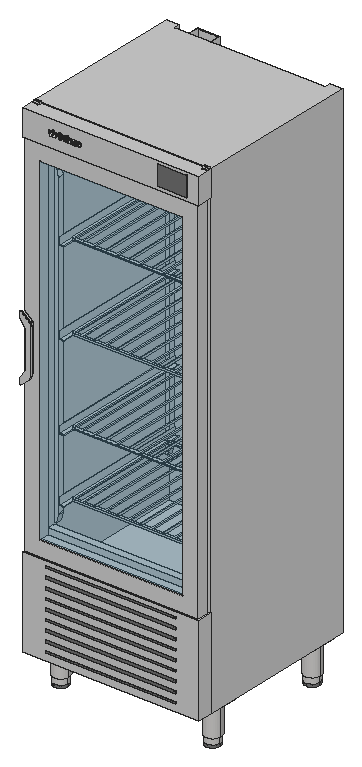
Revit family "QF_INFRICO_AEX500TF_250814100927", category Specialty Equipment, Revit 2021
Family settings
  Round Connector Dimension = Use Diameter
  Part Type = Normal
  OmniClass Number = 23.40.40.14
  OmniClass Title = Food Service Equipment
  Work Plane-Based = No
  Always vertical = Yes
  Cut with Voids When Loaded = No
  Shared = No
  Room Calculation Point = No
Parameters (values of type "AEX500TF")
  Weight [instance] = 0.00 kg
  Waste Water Discharge Temperature [instance] = 0 °C
  Waste Remarks [instance] = ""
  Warranty Start Date [instance] = ""
  Warranty Duration [instance] = ""
  Volts [instance] = 230 V
  Volt Free Conn [instance] = no
  URL Recommended Spares List [instance] = ""
  URL Manufacturer [instance] = ""
  URL Cutsheet [instance] = ""
  URL Critical Spares List [instance] = ""
  URL = "www.infrico.com"
  Technical Documentation [instance] = ""
  Tag Number [instance] = ""
  Status [instance] = ""
  Start Up Current [instance] = 0 A
  Specification by User [instance] = ""
  Specification by Manufacturer [instance] = ""
  Sound Level [instance] = ""
  Show Logo [instance] = yes
  Show Clearances [instance] = yes
  Service Life Duration [instance] = ""
  Serial Number [instance] = ""
  Seismic Rating [instance] = ""
  SMACNA No [instance] = ""
  Revision Code [instance] = ""
  Revision [instance] = ""
  Production Year [instance] = ""
  Potential Equalisation [instance] = no
  Point Load [instance] = 0
  Plumbing Connection Type [instance] = ""
  Phase [instance] = 1
  Other Equipment Approvals [instance] = ""
  Operational Current [instance] = 0 A
  Number of Poles [instance] = 2
  No Load Power Draw [instance] = no
  NAFEM Spec ID Number [instance] = ""
  Model Warning [instance] = ""
  Model = "AEX500TF"
  Min Ckt Ampacity [instance] = 0 A
  Max Overcurrent Protection [instance] = 0 A
  Masterspec [instance] = ""
  Manufacturer = "INFRICO"
  Main switch integrated [instance] = no
  Length Actual [instance] = 687 mm
  Item Number [instance] = ""
  Installed By [instance] = ""
  Installation Date [instance] = ""
  Indirect Waste Size [instance] = 19.05 mm
  Indirect Waste Remarks [instance] = ""
  Indirect Waste Flow [instance] = 0.0 L/s
  Indirect Waste Connection Type [instance] = ""
  Indirect Waste Connection Height [instance] = 0 mm
  Identify Quantity as Lot [instance] = no
  ID [instance] = ""
  Hygiene Approval [instance] = ""
  Height Actual [instance] = 2060 mm
  HP power [instance] = ""
  Furnished By [instance] = ""
  Foodservice Equipment Identifier [instance] = no
  FL Amps [instance] = 0 A
  Electrical Remarks [instance] = ""
  Electric power [instance] = 530 W
  Electric Connection Type [instance] = ""
  Elec Conn RI Height [instance] = 0 mm
  Elec Conn Connection Height [instance] = 0 mm
  ETL Approved [instance] = no
  Direct Waste Water Discharge Temperature [instance] = -273.15 °C
  Direct Waste Size [instance] = 19.05 mm
  Direct Waste RI Height [instance] = 0 mm
  Direct Waste Flow [instance] = 0.0 L/s
  Direct Waste Connection Height [instance] = 0 mm
  Description = "BOTTOM MOUNTED REFRIGERATOR AND FREEZER GLASS DOOR REACH IN - ONE DOOR - R134A"
  Depth Actual [instance] = 700 mm
  Default Elevation = 0 mm
  Cycle [instance] = 50 Hz
  Cost = 0
  Connection to energy optimisation system [instance] = yes
  Conn Plug [instance] = ""
  Conn Conduit [instance] = no
  Centralized building control system with digital interface [instance] = ""
  CSI MasterFormat [instance] = ""
  CE Approved [instance] = no
  Barcode [instance] = 0
  Author [instance] = ""
  Asset Identifier [instance] = ""
  Apparent Power [instance] = 530 VA
  Accessory [instance] = no
Reference planes
  plane 1 "Center (Front/Back)": y = 0
  plane 2: z = 0
  plane 3 "Center (Left/Right)": x = 0
Forms (mm)
  Extrusion 1, solid, not visible
    sketch origin (343.517, -106.005, 409.52) x (1, 0, 0) y (0, 1, 0)
      loop
        line (-2, 2) -> (-2, -2) -> (2, -2) -> (2, 2) -> (-2, 2)
    from -2 to 2
  Extrusion 2, solid, not visible
    sketch origin (563.027, -20.001, 2021.099) x (1, 0, 0) y (0, 1, 0)
      loop
        line (-2, 2) -> (-2, -2) -> (2, -2) -> (2, 2) -> (-2, 2)
    from -2 to 2
Dimensions and locks
  locked: nested 2 to Extrusion 1 at 2  (x2)
  locked: nested 3 to Extrusion 2 at 2  (x2)
  aligned and locked: level to plane 2
Nested families
  nested 1: "QF_INFRICO_A500_2920" at (0, 0, 150), type "AEX500TF"
    with Weight 0.00 kg, Warranty Start Date "", Warranty Duration "", URL Cutsheet "", Technical Documentation "", Tag Number "", Status "", Specification by User "", Specification by Manufacturer "", Sound Level "", Solid Fuel Type "", Show Logo yes, Show Clearances yes, Show Clearance yes, Service Life Duration "", Serial Number "", Seismic Rating "", SMACNA No "", Revision Code "", Revision "", Production Year "", Point Load 0, Other Equipment Approvals "", NAFEM Spec ID Number "", Model Warning "", Masterspec "", Length Actual 687 mm, Item Number "", Installed By "", Installation Date "", Identify Quantity as Lot yes, ID "", Hygiene Approval "", Height Actual 2060 mm, Furnished By "", Foodservice Equipment Identifier yes, ETL Approved yes, Depth Actual 700 mm, CSI MasterFormat "", CE Approved no, Barcode "", Author "", Asset Identifier "", Accessory no
  nested 2: "CONN_POINT_DRAIN_2D___Generic_Annotation" at (343.517, -106.005, 407.52), type "CONN_POINT_DRAIN_2D___Generic_Annotation"
    with Onboard connection annotation symbol visibility yes
  nested 3: "CONN_POINT_ELE_2D___Generic_Annotation" at (563.027, -20.001, 2019.099), type "CONN_POINT_ELE_2D___Generic_Annotation"
    with Onboard connection annotation symbol visibility yes
  nested 4: "QF_INFRICO_ANCR_DOOR_DX_10_4932" at (5, -640, 505), type "ANCR_DOOR_DX_10"
    with Weight 0.00 kg, Warranty Start Date "", Warranty Duration "", URL Cutsheet "", Technical Documentation "", Tag Number "", Status "", Specification by User "", Specification by Manufacturer "", Sound Level "", Solid Fuel Type "", Show Logo yes, Show Clearances yes, Show Clearance yes, Service Life Duration "", Serial Number "", Seismic Rating "", SMACNA No "", Revision Code "", Revision "", Production Year "", Point Load 0, Other Equipment Approvals "", NAFEM Spec ID Number "", Model Warning "", Masterspec "", Length Actual 676 mm, Item Number "", Installed By "", Installation Date "", Identify Quantity as Lot yes, ID "", Hygiene Approval "", Height Actual 1442 mm, Furnished By "", Foodservice Equipment Identifier yes, ETL Approved yes, Depth Actual 57 mm, CSI MasterFormat "", CE Approved no, Barcode "", Author "", Asset Identifier "", Accessory yes
  nested 5: "QF_INFRICO_LEGS_REACH_INS_5751" at (0, 0, 0), type "LEGS_687_640"
    with Weight 0.00 kg, Warranty Start Date "", Warranty Duration "", URL Cutsheet "", Technical Documentation "", Tag Number "", Status "", Specification by User "", Specification by Manufacturer "", Sound Level "", Solid Fuel Type "", Show Logo yes, Show Clearances yes, Service Life Duration "", Serial Number "", Seismic Rating "", SMACNA No "", Revision Code "", Revision "", Production Year "", Point Load 0, Other Equipment Approvals "", NAFEM Spec ID Number "", Model Warning "", Masterspec "", Length Actual 687 mm, Item Number "", Installed By "", Installation Date "", Identify Quantity as Lot yes, ID "", Hygiene Approval "", Height Actual 150 mm, Furnished By "", Foodservice Equipment Identifier yes, ETL Approved yes, Depth Actual 640 mm, CSI MasterFormat "", CE Approved no, Barcode "", Author "", Asset Identifier "", Accessory yes
Connectors
  piping at (343.517, -106.005, 407.52), diameter 19.05, driven by "Indirect Waste Size", driven by "Direct Waste Flow"
    settings: on Extrusion 1, index 1, connector inside diameter 609.6 mm, connector length 0 mm, flow factor 0, pipe flow 0.0 L/s, pressure drop 0.0 Pa, fitting loss kfactor 0, connector angle 0.00°, fixture units 0, engagement length 0 mm, angle of deflection 0.00°, flow configuration 1, flow direction 2, fitting loss method 0, system type 16, joint type 0, gender type 0, connector reference index -1, connector utility 0, adjustable connector no, is connector primary yes, connector description "Waste connection for AEX500TF"
  electrical at (563.027, -20.001, 2019.099), driven by "Apparent Power", driven by "Number of Poles", driven by "Volts"
    settings: on Extrusion 2, index 2, voltage 230 V, apparent load 0 VA, apparent load phase1 530 VA, apparent load phase2 0 VA, apparent load phase3 0 VA, power factor 1, load classification "Other", number of poles 2, system type 31, power factor state 1, is connector primary yes, connector utility no, sub classification motor no, connector description "Electrical connection for AEX500TF"
Definition of nested family "QF_INFRICO_A500_2920"
  Parameters (values of type "AEX500TF")
    Weight [instance] = 0.00 kg
    Warranty Start Date [instance] = ""
    Warranty Duration [instance] = ""
    URL Cutsheet [instance] = ""
    URL = "www.infrico.com"
    Technical Documentation [instance] = ""
    Tag Number [instance] = ""
    Status [instance] = ""
    Specification by User [instance] = ""
    Specification by Manufacturer [instance] = ""
    Sound Level [instance] = ""
    Solid Fuel Type [instance] = ""
    Show Logo [instance] = yes
    Show Clearances [instance] = yes
    Show Clearance [instance] = yes
    Service Life Duration [instance] = ""
    Serial Number [instance] = ""
    Seismic Rating [instance] = ""
    SMACNA No [instance] = ""
    Revision Code [instance] = ""
    Revision [instance] = ""
    Production Year [instance] = ""
    Point Load [instance] = 0
    Other Equipment Approvals [instance] = ""
    NAFEM Spec ID Number [instance] = ""
    Model Warning [instance] = ""
    Model = "AEX500TF"
    Masterspec [instance] = ""
    Manufacturer = "INFRICO"
    Length Actual [instance] = 0 mm
    Item Number [instance] = ""
    Installed By [instance] = ""
    Installation Date [instance] = ""
    Identify Quantity as Lot [instance] = yes
    ID [instance] = ""
    Hygiene Approval [instance] = ""
    Height Actual [instance] = 0 mm
    Furnished By [instance] = ""
    Foodservice Equipment Identifier [instance] = yes
    ETL Approved [instance] = yes
    Description = "BOTTOM MOUNTED REFRIGERATOR AND FREEZER GLASS DOOR REACH IN - ONE DOOR - R134A REFRIGERANT"
    Depth Actual [instance] = 0 mm
    Default Elevation = 0 mm
    CSI MasterFormat [instance] = ""
    CE Approved [instance] = yes
    Barcode [instance] = ""
    Author [instance] = ""
    Asset Identifier [instance] = ""
    Assembly Code = "E1090320"
    Accessory [instance] = yes
  Types (8, lengths in mm): name | Model | Description
    AEX500TF | "AEX500TF" | "BOTTOM MOUNTED REFRIGERATOR AND FREEZER GLASS DOOR REACH IN - ONE DOOR - R134A REFRIGERANT"
    AN502BT | "AN502BT" | "BOTTOM MOUNTED REFRIGERATOR REACH IN - TWO DOORS - R290 REFRIGERANT"
    AN502TF-R290 | "AN502TF" | "BOTTOM MOUNTED REFRIGERATOR REACH IN - TWO DOORS - R290 REFRIGERANT"
    AN502TF | "AN502TF" | "BOTTOM MOUNTED REFRIGERATOR REACH IN - TWO DOORS - R134A REFRIGERANT"
    AN501TF | "AN501TF" | "BOTTOM MOUNTED REFRIGERATOR AND FREEZER REACH IN - ONE DOOR - R134A REFRIGERANT"
    AN501TF-R290 | "AN501TF" | "BOTTOM MOUNTED REFRIGERATOR AND FREEZER REACH IN - ONE DOOR - R290 REFRIGERANT"
    AN501BTCR | "AN501BTCR" | "BOTTOM MOUNTED REFRIGERATOR AND FREEZER GLASS DOOR REACH IN - ONE DOOR - R290 REFRIGERANT"
    AN501BT | "AN501BT" | "BOTTOM MOUNTED REFRIGERATOR AND FREEZER REACH IN - ONE DOOR - R290 REFRIGERANT"
  Reference planes
    plane 1 "Back": y = 0
    plane 2: z = 0
    plane 3 "Left": x = 0
    plane 4 "Right": x = 687
    plane 5 "Front": y = -700
    plane 6 "Top": z = 1902
  Forms (mm)
    Extrusion 1, solid
      sketch origin (0, -95, 1652) x (1, 0, 0) y (0, 1, 0)
        loop
          line (0, -545) -> (0, -605) -> (687, -605) -> (687, -545) -> (684.5, -545) -> (684.5, -558) -> (662, -558) -> (662, -545) -> (25, -545) -> (25, -558) -> (2.5, -558) -> (2.5, -545) -> (0, -545)
      from 150 to 250
    Extrusion 2, solid
      sketch origin (0, -95, 0) x (0, 1, 0) y (0, 0, 1)
        loop
          line (-545, 350) -> (-605, 350) -> (-605, 0) -> (-545, 0) -> (-545, 350)
      from 0 to 687
    Extrusion 3, solid
      sketch origin (-2880.873, -698.1, -227.949) x (1, 0, 0) y (0, 0, 1)
        loop
          line (3478.016, 523.949) -> (2970.73, 523.949) -> (2970.73, 514.949) -> (3478.016, 514.949) -> (3478.016, 523.949)
        loop
          line (3478.016, 486.949) -> (2970.73, 486.949) -> (2970.73, 477.949) -> (3478.016, 477.949) -> (3478.016, 486.949)
        loop
          line (3478.016, 449.949) -> (2970.73, 449.949) -> (2970.73, 440.949) -> (3478.016, 440.949) -> (3478.016, 449.949)
        loop
          line (3478.016, 412.949) -> (2970.73, 412.949) -> (2970.73, 403.949) -> (3478.016, 403.949) -> (3478.016, 412.949)
        loop
          line (3478.016, 375.949) -> (2970.73, 375.949) -> (2970.73, 366.949) -> (3478.016, 366.949) -> (3478.016, 375.949)
        loop
          line (3478.016, 338.949) -> (2970.73, 338.949) -> (2970.73, 329.949) -> (3478.016, 329.949) -> (3478.016, 338.949)
        loop
          line (3478.016, 301.949) -> (2970.73, 301.949) -> (2970.73, 292.949) -> (3478.016, 292.949) -> (3478.016, 301.949)
        loop
          line (3478.016, 264.949) -> (2970.73, 264.949) -> (2970.73, 255.949) -> (3478.016, 255.949) -> (3478.016, 264.949)
        loop
          line (3478.016, 560.949) -> (2970.73, 560.949) -> (2970.73, 551.949) -> (3478.016, 551.949) -> (3478.016, 560.949)
      from 0 to 2
    Extrusion 4, solid, visible <- "Show Logo"
      sketch origin (-1062.353, -699, 1146.37) x (1, 0, 0) y (0, 0, 1)
        loop
          line (1208.799, 696.53) -> (1208.799, 719.204) -> (1204.173, 719.204) -> (1204.173, 696.53) -> (1208.799, 696.53)
        loop
          line (1214.779, 713.006) -> (1211.283, 713.006) -> (1211.283, 696.53) -> (1215.772, 696.53) -> (1215.772, 707.832)
          arc (1215.772, 707.832) -> (1217.528, 708.741) -> (1219.417, 709.324) r 11.052
          arc (1219.417, 709.324) -> (1220.929, 708.961) -> (1221.598, 707.557) r 1.806
          line (1221.598, 707.557) -> (1221.598, 696.53) -> (1226.121, 696.53) -> (1226.121, 708.689)
          arc (1226.121, 708.689) -> (1224.637, 712.075) -> (1221.141, 713.281) r 4.607
          arc (1221.141, 713.281) -> (1218.282, 712.674) -> (1215.669, 711.361) r 11.435
          line (1215.669, 711.361) -> (1215.601, 712.184)
          arc (1215.601, 712.184) -> (1215.36, 712.765) -> (1214.779, 713.006) r 0.822
        loop
          line (1238.557, 720.102) -> (1237.306, 720.102)
          arc (1237.306, 720.102) -> (1235.052, 719.926) -> (1232.881, 719.297) r 11.103
          arc (1232.881, 719.297) -> (1230.805, 717.616) -> (1230.024, 715.062) r 4.567
          line (1230.024, 715.062) -> (1230.024, 712.909) -> (1227.351, 712.703) -> (1227.351, 709.374) -> (1230.024, 709.374) -> (1230.024, 696.53) -> (1234.547, 696.53) -> (1234.547, 709.374) -> (1238.249, 709.374) -> (1238.249, 712.938) -> (1234.547, 712.938) -> (1234.547, 714.548)
          arc (1234.547, 714.548) -> (1234.956, 715.705) -> (1236.045, 716.271) r 1.67
          line (1236.045, 716.271) -> (1237.7, 716.399)
          arc (1237.7, 716.399) -> (1238.306, 716.65) -> (1238.557, 717.255) r 0.857
          line (1238.557, 717.255) -> (1238.557, 720.102)
        loop
          line (1239.479, 713.006) -> (1239.479, 696.53) -> (1243.968, 696.53) -> (1243.968, 707.352)
          arc (1243.968, 707.352) -> (1245.873, 708.631) -> (1248.077, 709.268) r 7.435
          line (1248.077, 709.268) -> (1249.241, 709.416)
          arc (1249.241, 709.416) -> (1249.643, 709.758) -> (1249.793, 710.265) r 0.928
          line (1249.793, 710.265) -> (1249.793, 712.458)
          arc (1249.793, 712.458) -> (1249.531, 713.061) -> (1248.912, 713.28) r 0.824
          arc (1248.912, 713.28) -> (1246.197, 712.588) -> (1243.899, 710.984) r 7.833
          line (1243.899, 710.984) -> (1243.726, 713.006) -> (1239.479, 713.006)
        loop
          line (1255.495, 696.53) -> (1255.495, 713.006) -> (1251.006, 713.006) -> (1251.006, 696.53) -> (1255.495, 696.53)
        loop
          arc (1257.421, 701.327) -> (1258.567, 698.188) -> (1261.466, 696.525) r 4.873
          arc (1261.466, 696.525) -> (1264.493, 696.266) -> (1267.521, 696.525) r 17.816
          arc (1267.521, 696.525) -> (1270.575, 699.134) -> (1271.505, 703.041) r 6.481
          line (1271.505, 703.041) -> (1267.187, 703.041) -> (1267.187, 701.67)
          arc (1267.187, 701.67) -> (1266.64, 700.452) -> (1265.442, 699.865) r 1.965
          arc (1265.442, 699.865) -> (1264.547, 699.816) -> (1263.653, 699.865) r 8.196
          arc (1263.653, 699.865) -> (1262.417, 700.415) -> (1261.91, 701.67) r 1.806
          line (1261.91, 701.67) -> (1261.91, 707.9)
          arc (1261.91, 707.9) -> (1262.417, 709.155) -> (1263.653, 709.705) r 1.806
          arc (1263.653, 709.705) -> (1264.547, 709.754) -> (1265.442, 709.705) r 8.196
          arc (1265.442, 709.705) -> (1266.64, 709.118) -> (1267.187, 707.9) r 1.965
          line (1267.187, 707.9) -> (1267.187, 706.838) -> (1271.505, 706.838)
          arc (1271.505, 706.838) -> (1270.524, 710.556) -> (1267.521, 712.959) r 6.132
          arc (1267.521, 712.959) -> (1264.493, 713.294) -> (1261.466, 712.959) r 13.851
          arc (1261.466, 712.959) -> (1258.571, 711.349) -> (1257.421, 708.243) r 4.772
          line (1257.421, 708.243) -> (1257.421, 701.327)
        loop
          arc (1272.916, 701.329) -> (1273.993, 698.345) -> (1276.726, 696.734) r 4.676
          arc (1276.726, 696.734) -> (1278.515, 696.455) -> (1280.318, 696.291) r 28.371
          arc (1280.318, 696.291) -> (1282.122, 696.455) -> (1283.911, 696.734) r 28.371
          arc (1283.911, 696.734) -> (1286.644, 698.345) -> (1287.72, 701.329) r 4.676
          line (1287.72, 701.329) -> (1287.72, 708.242)
          arc (1287.72, 708.242) -> (1286.644, 711.226) -> (1283.911, 712.837) r 4.676
          arc (1283.911, 712.837) -> (1282.122, 713.116) -> (1280.318, 713.28) r 28.371
          arc (1280.318, 713.28) -> (1278.515, 713.116) -> (1276.726, 712.837) r 28.371
          arc (1276.726, 712.837) -> (1273.993, 711.226) -> (1272.916, 708.242) r 4.676
          line (1272.916, 708.242) -> (1272.916, 701.329)
        loop
          line (1277.405, 707.866) -> (1277.405, 701.705)
          arc (1277.405, 701.705) -> (1277.844, 700.556) -> (1278.936, 699.991) r 1.725
          arc (1278.936, 699.991) -> (1279.627, 699.918) -> (1280.318, 699.856) r 46.133
          arc (1280.318, 699.856) -> (1281.01, 699.918) -> (1281.701, 699.991) r 46.133
          arc (1281.701, 699.991) -> (1282.793, 700.556) -> (1283.231, 701.705) r 1.725
          line (1283.231, 701.705) -> (1283.231, 707.866)
          arc (1283.231, 707.866) -> (1282.793, 709.015) -> (1281.701, 709.58) r 1.725
          arc (1281.701, 709.58) -> (1281.01, 709.653) -> (1280.318, 709.716) r 46.133
          arc (1280.318, 709.716) -> (1279.627, 709.653) -> (1278.936, 709.58) r 46.133
          arc (1278.936, 709.58) -> (1277.844, 709.015) -> (1277.405, 707.866) r 1.725
        loop
          arc (1190.339, 696.543) -> (1191.411, 696.987) -> (1191.856, 698.059) r 1.516
          line (1191.856, 698.059) -> (1191.856, 703.891) -> (1196.035, 703.891)
          arc (1196.035, 703.891) -> (1196.79, 704.121) -> (1197.218, 704.782) r 1.147
          line (1197.218, 704.782) -> (1197.218, 706.211)
          arc (1197.218, 706.211) -> (1196.787, 707.258) -> (1195.719, 707.634) r 1.385
          line (1195.719, 707.634) -> (1194.52, 707.634) -> (1197.218, 710.332)
          arc (1197.218, 710.332) -> (1197.605, 711.266) -> (1197.218, 712.2) r 1.321
          line (1197.218, 712.2) -> (1196.495, 712.923)
          arc (1196.495, 712.923) -> (1195.54, 713.338) -> (1194.558, 712.991) r 1.422
          line (1194.558, 712.991) -> (1191.853, 710.286) -> (1191.853, 711.479)
          arc (1191.853, 711.479) -> (1191.443, 712.516) -> (1190.435, 712.992) r 1.516
          line (1190.435, 712.992) -> (1189.514, 712.992)
          arc (1189.514, 712.992) -> (1188.511, 712.514) -> (1188.103, 711.479) r 1.516
          line (1188.103, 711.479) -> (1188.103, 706.83) -> (1182.073, 701.336) -> (1182.073, 707.509) -> (1185.639, 711.075)
          arc (1185.639, 711.075) -> (1186.053, 712.073) -> (1185.639, 713.071) r 1.412
          line (1185.639, 713.071) -> (1184.987, 713.723)
          arc (1184.987, 713.723) -> (1183.939, 714.141) -> (1182.915, 713.667) r 1.428
          line (1182.915, 713.667) -> (1182.073, 712.825) -> (1182.073, 717.784)
          arc (1182.073, 717.784) -> (1181.658, 718.787) -> (1180.655, 719.203) r 1.418
          line (1180.655, 719.203) -> (1179.726, 719.203)
          arc (1179.726, 719.203) -> (1178.723, 718.787) -> (1178.308, 717.784) r 1.418
          line (1178.308, 717.784) -> (1178.308, 712.825) -> (1177.466, 713.667)
          arc (1177.466, 713.667) -> (1176.442, 714.141) -> (1175.394, 713.723) r 1.428
          line (1175.394, 713.723) -> (1174.742, 713.071)
          arc (1174.742, 713.071) -> (1174.328, 712.073) -> (1174.742, 711.075) r 1.412
          line (1174.742, 711.075) -> (1178.308, 707.509) -> (1178.308, 701.336) -> (1172.278, 706.83) -> (1172.278, 711.479)
          arc (1172.278, 711.479) -> (1171.87, 712.514) -> (1170.867, 712.992) r 1.516
          line (1170.867, 712.992) -> (1169.946, 712.992)
          arc (1169.946, 712.992) -> (1168.938, 712.516) -> (1168.528, 711.479) r 1.516
          line (1168.528, 711.479) -> (1168.528, 710.286) -> (1165.823, 712.991)
          arc (1165.823, 712.991) -> (1164.841, 713.338) -> (1163.886, 712.923) r 1.422
          line (1163.886, 712.923) -> (1163.163, 712.2)
          arc (1163.163, 712.2) -> (1162.776, 711.266) -> (1163.163, 710.332) r 1.321
          line (1163.163, 710.332) -> (1165.861, 707.634) -> (1164.662, 707.634)
          arc (1164.662, 707.634) -> (1163.594, 707.258) -> (1163.163, 706.211) r 1.385
          line (1163.163, 706.211) -> (1163.163, 704.782)
          arc (1163.163, 704.782) -> (1163.591, 704.121) -> (1164.346, 703.891) r 1.147
          line (1164.346, 703.891) -> (1168.525, 703.891) -> (1168.525, 698.059)
          arc (1168.525, 698.059) -> (1168.969, 696.987) -> (1170.042, 696.543) r 1.516
          line (1170.042, 696.543) -> (1190.339, 696.543)
      from 0 to 2
    Extrusion 5, solid
      sketch origin (-640.933, -4.97, 1236.674) x (1, 0, 0) y (0, 0, 1)
        loop
          line (1169.616, 654.3) -> (1169.616, 577.9) -> (1281.216, 577.9) -> (1281.216, 654.3) -> (1169.616, 654.3)
      from 695.03 to 697.03
    Extrusion 6, solid
      sketch origin (5, -77, -10) x (0, 1, 0) y (0, 0, 1)
        loop
          line (-567, 1911) -> (-563, 1911) -> (-563, 1914.5)
          arc (-563, 1914.5) -> (-564.062, 1917.463) -> (-565.924, 1920) r 10.917
          line (-565.924, 1920) -> (-573.076, 1920)
          arc (-573.076, 1920) -> (-574.938, 1917.463) -> (-576, 1914.5) r 10.917
          line (-576, 1914.5) -> (-576, 1911) -> (-572, 1911) -> (-572, 1914.5)
          arc (-572, 1914.5) -> (-569.5, 1917) -> (-567, 1914.5) r 2.5
          line (-567, 1914.5) -> (-567, 1911)
      from 0 to 17.5
    Extrusion 7, solid
      sketch origin (2, -77, -10) x (0, 1, 0) y (0, 0, 1)
        loop
          arc (-567.161, 1915.382) -> (-569.948, 1916.96) -> (-572, 1914.5) r 2.5
          line (-572, 1914.5) -> (-571.49, 1908.671) -> (-564.851, 1909.252) -> (-567.161, 1915.382)
      from 0.5 to 3
    Extrusion 8, solid
      sketch origin (22, -77, -10) x (0, 1, 0) y (0, 0, 1)
        loop
          arc (-567.161, 1915.382) -> (-569.948, 1916.96) -> (-572, 1914.5) r 2.5
          line (-572, 1914.5) -> (-571.49, 1908.671) -> (-564.851, 1909.252) -> (-567.161, 1915.382)
      from 0.5 to 3
    Extrusion 9, solid
      sketch origin (664.5, -77, -10) x (0, 1, 0) y (0, 0, 1)
        loop
          line (-567, 1911) -> (-563, 1911) -> (-563, 1914.5)
          arc (-563, 1914.5) -> (-564.062, 1917.463) -> (-565.924, 1920) r 10.917
          line (-565.924, 1920) -> (-573.076, 1920)
          arc (-573.076, 1920) -> (-574.938, 1917.463) -> (-576, 1914.5) r 10.917
          line (-576, 1914.5) -> (-576, 1911) -> (-572, 1911) -> (-572, 1914.5)
          arc (-572, 1914.5) -> (-569.5, 1917) -> (-567, 1914.5) r 2.5
          line (-567, 1914.5) -> (-567, 1911)
      from 0 to 17.5
    Extrusion 10, solid
      sketch origin (661.5, -77, -10) x (0, 1, 0) y (0, 0, 1)
        loop
          arc (-567.161, 1915.382) -> (-569.948, 1916.96) -> (-572, 1914.5) r 2.5
          line (-572, 1914.5) -> (-571.49, 1908.671) -> (-564.851, 1909.252) -> (-567.161, 1915.382)
      from 0.5 to 3
    Extrusion 11, solid
      sketch origin (681.5, -77, -10) x (0, 1, 0) y (0, 0, 1)
        loop
          arc (-567.161, 1915.382) -> (-569.948, 1916.96) -> (-572, 1914.5) r 2.5
          line (-572, 1914.5) -> (-571.49, 1908.671) -> (-564.851, 1909.252) -> (-567.161, 1915.382)
      from 0.5 to 3
    Extrusion 12, solid
      sketch origin (0, 0, 0) x (1, 0, 0) y (0, 1, 0)
        loop
          line (0, -640) -> (20, -640) -> (20, -20) -> (50, -20) -> (50, 0) -> (0, 0) -> (0, -640)
        loop
          line (687, -640) -> (687, 0) -> (637, 0) -> (637, -20) -> (667, -20) -> (667, -640) -> (687, -640)
      from 0 to 1902
    Extrusion 13, solid
      sketch origin (0, 0, 0) x (1, 0, 0) y (0, 1, 0)
        loop
          line (20, -20) -> (20, -640) -> (667, -640) -> (667, -20) -> (20, -20)
        loop
          line (50, -610) -> (637, -610) -> (637, -50) -> (50, -50) -> (50, -610)
      from 257.5 to 1902
    Extrusion 14, solid
      sketch origin (-120.635, 115, 405) x (1, 0, 0) y (0, 1, 0)
        loop
          arc (214.135, -210) -> (203.529, -214.393) -> (199.135, -225) r 15
          line (199.135, -225) -> (199.135, -665)
          arc (199.135, -665) -> (203.529, -675.607) -> (214.135, -680) r 15
          line (214.135, -680) -> (714.135, -680)
          arc (714.135, -680) -> (724.742, -675.607) -> (729.135, -665) r 15
          line (729.135, -665) -> (729.135, -225)
          arc (729.135, -225) -> (724.742, -214.393) -> (714.135, -210) r 15
          line (714.135, -210) -> (214.135, -210)
        loop
          arc (209.135, -665) -> (210.6, -668.536) -> (214.135, -670) r 5
          line (214.135, -670) -> (236.635, -670) -> (236.635, -220) -> (214.135, -220)
          arc (214.135, -220) -> (210.6, -221.464) -> (209.135, -225) r 5
          line (209.135, -225) -> (209.135, -665)
        loop
          line (691.635, -220) -> (691.635, -670) -> (714.135, -670)
          arc (714.135, -670) -> (717.671, -668.536) -> (719.135, -665) r 5
          line (719.135, -665) -> (719.135, -225)
          arc (719.135, -225) -> (717.671, -221.464) -> (714.135, -220) r 5
          line (714.135, -220) -> (691.635, -220)
        loop
          line (686.635, -220) -> (646.635, -220) -> (646.635, -670) -> (686.635, -670) -> (686.635, -220)
        loop
          line (641.635, -220) -> (601.635, -220) -> (601.635, -670) -> (641.635, -670) -> (641.635, -220)
        loop
          line (596.635, -220) -> (556.635, -220) -> (556.635, -670) -> (596.635, -670) -> (596.635, -220)
        loop
          line (551.635, -220) -> (511.635, -220) -> (511.635, -670) -> (551.635, -670) -> (551.635, -220)
        loop
          line (506.635, -220) -> (466.635, -220) -> (466.635, -670) -> (506.635, -670) -> (506.635, -220)
        loop
          line (461.635, -220) -> (421.635, -220) -> (421.635, -670) -> (461.635, -670) -> (461.635, -220)
        loop
          line (416.635, -220) -> (376.635, -220) -> (376.635, -670) -> (416.635, -670) -> (416.635, -220)
        loop
          line (371.635, -220) -> (331.635, -220) -> (331.635, -670) -> (371.635, -670) -> (371.635, -220)
        loop
          line (326.635, -220) -> (286.635, -220) -> (286.635, -670) -> (326.635, -670) -> (326.635, -220)
        loop
          line (281.635, -220) -> (241.635, -220) -> (241.635, -670) -> (281.635, -670) -> (281.635, -220)
      from 95 to 100
    Extrusion 15, void
      sketch origin (0, -390, 0) x (1, 0, 0) y (0, 0, 1)
        loop
          line (50, 425) -> (637, 425) -> (637, 1742) -> (50, 1742) -> (50, 425)
      from 220 to 250
    Extrusion 16, solid
      sketch origin (20, 0, 0) x (1, 0, 0) y (0, 0, 1)
        loop
          line (52, 500) -> (52, 526.5) -> (50, 526.5) -> (50, 498) -> (68.5, 498) -> (68.5, 500) -> (52, 500)
      from 50 to 610
    Extrusion 17, solid
      sketch origin (-120.635, 115, 655) x (1, 0, 0) y (0, 1, 0)
        loop
          arc (214.135, -210) -> (203.529, -214.393) -> (199.135, -225) r 15
          line (199.135, -225) -> (199.135, -665)
          arc (199.135, -665) -> (203.529, -675.607) -> (214.135, -680) r 15
          line (214.135, -680) -> (714.135, -680)
          arc (714.135, -680) -> (724.742, -675.607) -> (729.135, -665) r 15
          line (729.135, -665) -> (729.135, -225)
          arc (729.135, -225) -> (724.742, -214.393) -> (714.135, -210) r 15
          line (714.135, -210) -> (214.135, -210)
        loop
          arc (209.135, -665) -> (210.6, -668.536) -> (214.135, -670) r 5
          line (214.135, -670) -> (236.635, -670) -> (236.635, -220) -> (214.135, -220)
          arc (214.135, -220) -> (210.6, -221.464) -> (209.135, -225) r 5
          line (209.135, -225) -> (209.135, -665)
        loop
          line (691.635, -220) -> (691.635, -670) -> (714.135, -670)
          arc (714.135, -670) -> (717.671, -668.536) -> (719.135, -665) r 5
          line (719.135, -665) -> (719.135, -225)
          arc (719.135, -225) -> (717.671, -221.464) -> (714.135, -220) r 5
          line (714.135, -220) -> (691.635, -220)
        loop
          line (686.635, -220) -> (646.635, -220) -> (646.635, -670) -> (686.635, -670) -> (686.635, -220)
        loop
          line (641.635, -220) -> (601.635, -220) -> (601.635, -670) -> (641.635, -670) -> (641.635, -220)
        loop
          line (596.635, -220) -> (556.635, -220) -> (556.635, -670) -> (596.635, -670) -> (596.635, -220)
        loop
          line (551.635, -220) -> (511.635, -220) -> (511.635, -670) -> (551.635, -670) -> (551.635, -220)
        loop
          line (506.635, -220) -> (466.635, -220) -> (466.635, -670) -> (506.635, -670) -> (506.635, -220)
        loop
          line (461.635, -220) -> (421.635, -220) -> (421.635, -670) -> (461.635, -670) -> (461.635, -220)
        loop
          line (416.635, -220) -> (376.635, -220) -> (376.635, -670) -> (416.635, -670) -> (416.635, -220)
        loop
          line (371.635, -220) -> (331.635, -220) -> (331.635, -670) -> (371.635, -670) -> (371.635, -220)
        loop
          line (326.635, -220) -> (286.635, -220) -> (286.635, -670) -> (326.635, -670) -> (326.635, -220)
        loop
          line (281.635, -220) -> (241.635, -220) -> (241.635, -670) -> (281.635, -670) -> (281.635, -220)
      from 95 to 100
    Extrusion 18, solid
      sketch origin (-120.635, 115, 985) x (1, 0, 0) y (0, 1, 0)
        loop
          arc (214.135, -210) -> (203.529, -214.393) -> (199.135, -225) r 15
          line (199.135, -225) -> (199.135, -665)
          arc (199.135, -665) -> (203.529, -675.607) -> (214.135, -680) r 15
          line (214.135, -680) -> (714.135, -680)
          arc (714.135, -680) -> (724.742, -675.607) -> (729.135, -665) r 15
          line (729.135, -665) -> (729.135, -225)
          arc (729.135, -225) -> (724.742, -214.393) -> (714.135, -210) r 15
          line (714.135, -210) -> (214.135, -210)
        loop
          arc (209.135, -665) -> (210.6, -668.536) -> (214.135, -670) r 5
          line (214.135, -670) -> (236.635, -670) -> (236.635, -220) -> (214.135, -220)
          arc (214.135, -220) -> (210.6, -221.464) -> (209.135, -225) r 5
          line (209.135, -225) -> (209.135, -665)
        loop
          line (691.635, -220) -> (691.635, -670) -> (714.135, -670)
          arc (714.135, -670) -> (717.671, -668.536) -> (719.135, -665) r 5
          line (719.135, -665) -> (719.135, -225)
          arc (719.135, -225) -> (717.671, -221.464) -> (714.135, -220) r 5
          line (714.135, -220) -> (691.635, -220)
        loop
          line (686.635, -220) -> (646.635, -220) -> (646.635, -670) -> (686.635, -670) -> (686.635, -220)
        loop
          line (641.635, -220) -> (601.635, -220) -> (601.635, -670) -> (641.635, -670) -> (641.635, -220)
        loop
          line (596.635, -220) -> (556.635, -220) -> (556.635, -670) -> (596.635, -670) -> (596.635, -220)
        loop
          line (551.635, -220) -> (511.635, -220) -> (511.635, -670) -> (551.635, -670) -> (551.635, -220)
        loop
          line (506.635, -220) -> (466.635, -220) -> (466.635, -670) -> (506.635, -670) -> (506.635, -220)
        loop
          line (461.635, -220) -> (421.635, -220) -> (421.635, -670) -> (461.635, -670) -> (461.635, -220)
        loop
          line (416.635, -220) -> (376.635, -220) -> (376.635, -670) -> (416.635, -670) -> (416.635, -220)
        loop
          line (371.635, -220) -> (331.635, -220) -> (331.635, -670) -> (371.635, -670) -> (371.635, -220)
        loop
          line (326.635, -220) -> (286.635, -220) -> (286.635, -670) -> (326.635, -670) -> (326.635, -220)
        loop
          line (281.635, -220) -> (241.635, -220) -> (241.635, -670) -> (281.635, -670) -> (281.635, -220)
      from 95 to 100
    Extrusion 19, solid
      sketch origin (-120.635, 115, 1315) x (1, 0, 0) y (0, 1, 0)
        loop
          arc (214.135, -210) -> (203.529, -214.393) -> (199.135, -225) r 15
          line (199.135, -225) -> (199.135, -665)
          arc (199.135, -665) -> (203.529, -675.607) -> (214.135, -680) r 15
          line (214.135, -680) -> (714.135, -680)
          arc (714.135, -680) -> (724.742, -675.607) -> (729.135, -665) r 15
          line (729.135, -665) -> (729.135, -225)
          arc (729.135, -225) -> (724.742, -214.393) -> (714.135, -210) r 15
          line (714.135, -210) -> (214.135, -210)
        loop
          arc (209.135, -665) -> (210.6, -668.536) -> (214.135, -670) r 5
          line (214.135, -670) -> (236.635, -670) -> (236.635, -220) -> (214.135, -220)
          arc (214.135, -220) -> (210.6, -221.464) -> (209.135, -225) r 5
          line (209.135, -225) -> (209.135, -665)
        loop
          line (691.635, -220) -> (691.635, -670) -> (714.135, -670)
          arc (714.135, -670) -> (717.671, -668.536) -> (719.135, -665) r 5
          line (719.135, -665) -> (719.135, -225)
          arc (719.135, -225) -> (717.671, -221.464) -> (714.135, -220) r 5
          line (714.135, -220) -> (691.635, -220)
        loop
          line (686.635, -220) -> (646.635, -220) -> (646.635, -670) -> (686.635, -670) -> (686.635, -220)
        loop
          line (641.635, -220) -> (601.635, -220) -> (601.635, -670) -> (641.635, -670) -> (641.635, -220)
        loop
          line (596.635, -220) -> (556.635, -220) -> (556.635, -670) -> (596.635, -670) -> (596.635, -220)
        loop
          line (551.635, -220) -> (511.635, -220) -> (511.635, -670) -> (551.635, -670) -> (551.635, -220)
        loop
          line (506.635, -220) -> (466.635, -220) -> (466.635, -670) -> (506.635, -670) -> (506.635, -220)
        loop
          line (461.635, -220) -> (421.635, -220) -> (421.635, -670) -> (461.635, -670) -> (461.635, -220)
        loop
          line (416.635, -220) -> (376.635, -220) -> (376.635, -670) -> (416.635, -670) -> (416.635, -220)
        loop
          line (371.635, -220) -> (331.635, -220) -> (331.635, -670) -> (371.635, -670) -> (371.635, -220)
        loop
          line (326.635, -220) -> (286.635, -220) -> (286.635, -670) -> (326.635, -670) -> (326.635, -220)
        loop
          line (281.635, -220) -> (241.635, -220) -> (241.635, -670) -> (281.635, -670) -> (281.635, -220)
      from 95 to 100
    Extrusion 20, solid
      sketch origin (0, -50, 0) x (1, 0, 0) y (0, 0, 1)
        loop
          line (60, 433) -> (70, 463) -> (70, 468) -> (70, 1643) -> (60, 1678) -> (50, 1678) -> (50, 433) -> (60, 433)
      from 0 to 20
    Extrusion 21, solid
      sketch origin (0, -590, 0) x (1, 0, 0) y (0, 0, 1)
        loop
          line (60, 433) -> (70, 463) -> (70, 468) -> (70, 1643) -> (60, 1678) -> (50, 1678) -> (50, 433) -> (60, 433)
      from 0 to 20
    Extrusion 22, solid
      sketch origin (667, 0, 0) x (-1, 0, 0) y (0, 0, -1)
        loop
          line (52, -500) -> (68.5, -500) -> (68.5, -498) -> (50, -498) -> (50, -526.5) -> (52, -526.5) -> (52, -500)
      from 50 to 610
    Extrusion 23, solid
      sketch origin (687, -50, 0) x (-1, 0, 0) y (0, 0, -1)
        loop
          line (60, -433) -> (50, -433) -> (50, -1678) -> (60, -1678) -> (70, -1643) -> (70, -468) -> (70, -463) -> (60, -433)
      from 0 to 20
    Extrusion 24, solid
      sketch origin (687, -590, 0) x (-1, 0, 0) y (0, 0, -1)
        loop
          line (60, -433) -> (50, -433) -> (50, -1678) -> (60, -1678) -> (70, -1643) -> (70, -468) -> (70, -463) -> (60, -433)
      from 0 to 20
    Extrusion 25, solid
      sketch origin (20, 0, 250) x (1, 0, 0) y (0, 0, 1)
        loop
          line (52, 500) -> (52, 526.5) -> (50, 526.5) -> (50, 498) -> (68.5, 498) -> (68.5, 500) -> (52, 500)
      from 50 to 610
    Extrusion 26, solid
      sketch origin (667, 0, 250) x (-1, 0, 0) y (0, 0, -1)
        loop
          line (52, -500) -> (68.5, -500) -> (68.5, -498) -> (50, -498) -> (50, -526.5) -> (52, -526.5) -> (52, -500)
      from 50 to 610
    Extrusion 27, solid
      sketch origin (20, 0, 580) x (1, 0, 0) y (0, 0, 1)
        loop
          line (52, 500) -> (52, 526.5) -> (50, 526.5) -> (50, 498) -> (68.5, 498) -> (68.5, 500) -> (52, 500)
      from 50 to 610
    Extrusion 28, solid
      sketch origin (667, 0, 580) x (-1, 0, 0) y (0, 0, -1)
        loop
          line (52, -500) -> (68.5, -500) -> (68.5, -498) -> (50, -498) -> (50, -526.5) -> (52, -526.5) -> (52, -500)
      from 50 to 610
    Extrusion 29, solid
      sketch origin (20, 0, 910) x (1, 0, 0) y (0, 0, 1)
        loop
          line (52, 500) -> (52, 526.5) -> (50, 526.5) -> (50, 498) -> (68.5, 498) -> (68.5, 500) -> (52, 500)
      from 50 to 610
    Extrusion 30, solid
      sketch origin (667, 0, 910) x (-1, 0, 0) y (0, 0, -1)
        loop
          line (52, -500) -> (68.5, -500) -> (68.5, -498) -> (50, -498) -> (50, -526.5) -> (52, -526.5) -> (52, -500)
      from 50 to 610
    Extrusion 31, solid
      sketch origin (0, 0, -30) x (1, 0, 0) y (0, 0, 1)
        loop
          line (50, 1927) -> (637, 1927) -> (637, 1932) -> (50, 1932) -> (50, 1927)
      from 50 to 610
    Extrusion 32, solid
      sketch origin (0, 0, -1927) x (1, 0, 0) y (0, 0, 1)
        loop
          line (20, 1927) -> (667, 1927) -> (667, 1932) -> (20, 1932) -> (20, 1927)
      from 20 to 640
    Extrusion 33, solid
      sketch origin (0, -10, -30) x (1, 0, 0) y (0, 0, 1)
        loop
          circle (563, 1899) r 12.7
      from 0 to 10
    Extrusion 34, solid
      sketch origin (0, 0, -1669.5) x (1, 0, 0) y (0, 0, 1)
        loop
          line (20, 1927) -> (667, 1927) -> (667, 1932) -> (20, 1932) -> (20, 1927)
      from 20 to 640
    Extrusion 35, solid
      sketch origin (0, 0, 247.5) x (1, 0, 0) y (0, 1, 0)
        loop
          circle (343.5, -106) r 9.525
      from 0 to 10
    Extrusion 36, solid
      sketch origin (122, -1937, -351) x (0, 0, -1) y (0, 1, 0)
        loop
          circle (-355, 1921) r 4
        loop
          circle (-630, 1923) r 2
        loop
          circle (-605, 1923) r 2
        loop
          circle (-580, 1923) r 2
        loop
          circle (-555, 1923) r 2
        loop
          circle (-530, 1923) r 2
        loop
          circle (-505, 1923) r 2
        loop
          circle (-480, 1923) r 2
        loop
          circle (-455, 1923) r 2
        loop
          circle (-430, 1923) r 2
        loop
          circle (-405, 1923) r 2
        loop
          circle (-380, 1923) r 2
        loop
          circle (-655, 1923) r 2
        loop
          circle (-680, 1923) r 2
        loop
          circle (-705, 1923) r 2
      from -72 to 515
    Extrusion 37, solid
      sketch origin (65, -1929, -348) x (1, 0, 0) y (0, 1, 0)
        loop
          circle (568, 1921) r 4
        loop
          circle (278.5, 1921) r 4
        loop
          circle (-11, 1921) r 4
      from 348 to 718
    Extrusion 38, solid
      sketch origin (-151, -5, 0) x (1, 0, 0) y (0, 1, 0)
        loop
          line (343.5, -15) -> (343.5, 25) -> (258.5, 25) -> (258.5, -15) -> (259.5, -15) -> (259.5, 24) -> (342.5, 24) -> (342.5, -15) -> (343.5, -15)
      from 370 to 1902
  Cuts and joins
    Extrusion 15 cuts Extrusion 12
    Extrusion 15 cuts Extrusion 13
    joined: Extrusion 12, Extrusion 13, Extrusion 24, Extrusion 31, Extrusion 32, Extrusion 34
  Lines and regions (mm)
    symbolic lines, visible <- "Show Clearance"
      curve 1: line (687, -700, 0) -> (687, 0, 0)
      curve 2: line (687, 0, 0) -> (637, 0, 0)
      curve 3: line (0, 0, 0) -> (0, -700, 0)
      curve 4: line (0, -700, 0) -> (687, -700, 0)
      curve 5: line (0, -640, 0) -> (687, -640, 0)
      curve 6: line (50, 0, 0) -> (0, 0, 0)
      curve 7: line (50, 0, 0) -> (50, -20, 0)
      curve 8: line (50, -20, 0) -> (637, -20, 0)
      curve 9: line (637, -20, 0) -> (637, 0, 0)
  Dimensions and locks
    plane 6 "Top" to level = 1902 mm  (x2)
    plane 4 "Right" to plane 3 "Left" = 687 mm
    plane 1 "Back" to plane 5 "Front" = 700 mm  (x2)
    plane 3 "Left" to plane 4 "Right" = 687 mm
    aligned and locked: level to plane 2
  Connectors
    electrical at (563, -10, 1869)
      settings: on Extrusion 33, index 1, voltage 0 V, apparent load 0 VA, apparent load phase1 0 VA, apparent load phase2 0 VA, apparent load phase3 0 VA, power factor 1, load classification none, number of poles 1, system type 31, power factor state 1, is connector primary yes, connector utility no, sub classification motor no, connector description "Electrical connection"
    piping at (343.5, -106, 247.5), diameter 19.1
      settings: on Extrusion 35, index 2, connector inside diameter 609.6 mm, connector length 0 mm, flow factor 0, pipe flow 0.0 L/s, pressure drop 0.0 Pa, fitting loss kfactor 0, connector angle 0.00°, fixture units 0, engagement length 0 mm, angle of deflection 0.00°, flow configuration 1, flow direction 2, fitting loss method 0, system type 16, joint type 0, gender type 0, connector reference index -1, connector utility 0, adjustable connector no, is connector primary yes, connector description "Drain connection"
Definition of nested family "QF_INFRICO_ANCR_DOOR_DX_10_4932"
  Parameters (values of type "PUE17DGAEX")
    Weight [instance] = 0.00 kg
    Warranty Start Date [instance] = ""
    Warranty Duration [instance] = ""
    URL Cutsheet [instance] = ""
    URL = "www.infrico.com"
    Technical Documentation [instance] = ""
    Tag Number [instance] = ""
    Status [instance] = ""
    Specification by User [instance] = ""
    Specification by Manufacturer [instance] = ""
    Sound Level [instance] = ""
    Solid Fuel Type [instance] = ""
    Show Logo [instance] = yes
    Show Clearances [instance] = yes
    Show Clearance [instance] = yes
    Service Life Duration [instance] = ""
    Serial Number [instance] = ""
    Seismic Rating [instance] = ""
    SMACNA No [instance] = ""
    Revision Code [instance] = ""
    Revision [instance] = ""
    Production Year [instance] = ""
    Point Load [instance] = 0
    Other Equipment Approvals [instance] = ""
    NAFEM Spec ID Number [instance] = ""
    Model Warning [instance] = ""
    Model = "PUE17DGAEX"
    Masterspec [instance] = ""
    Manufacturer = "INFRICO"
    Length Actual [instance] = 0 mm
    Item Number [instance] = ""
    Installed By [instance] = ""
    Installation Date [instance] = ""
    Identify Quantity as Lot [instance] = yes
    ID [instance] = ""
    Hygiene Approval [instance] = ""
    Height Actual [instance] = 0 mm
    Furnished By [instance] = ""
    Foodservice Equipment Identifier [instance] = yes
    ETL Approved [instance] = yes
    Description = "RIGHT GLASS DOOR"
    Depth Actual [instance] = 0 mm
    Default Elevation = 0 mm
    CSI MasterFormat [instance] = ""
    CE Approved [instance] = yes
    Barcode [instance] = ""
    Author [instance] = ""
    Asset Identifier [instance] = ""
    Assembly Code = "E1090320"
    Accessory [instance] = yes
  Types (2, lengths in mm): name | Model | Description
    ANCR_DOOR_DX_10 | "ANCR_DOOR_DX_10" | "RIGHT DOOR"
    PUE17DGAEX | "PUE17DGAEX" | "RIGHT GLASS DOOR"
  Reference planes
    plane 1 "Back": y = 0
    plane 2: z = 0
    plane 3 "Left": x = 0
    plane 4 "Right": x = 677
    plane 5 "Front": y = -57
    plane 6 "Top": z = 1442
  Forms (mm)
    Extrusion 1, solid
      sketch origin (0, 231, 0) x (1, 0, 0) y (0, 0, 1)
        loop
          line (662, 1427) -> (15, 1427) -> (15, 15) -> (662, 15) -> (662, 1427)
        loop
          line (632, 1397) -> (45, 1397) -> (45, 45) -> (632, 45) -> (632, 1397)
      from 231 to 248
    Extrusion 2, solid
      sketch origin (-514.03, 635.058, 126.096) x (1, 0, 0) y (0, 0, 1)
        loop
          line (518.816, 723.04) -> (515.53, 723.04) -> (515.53, 703.04) -> (535.322, 671.778)
          arc (535.322, 671.778) -> (536.599, 669.028) -> (537.13, 666.043) r 11.743
          line (537.13, 666.043) -> (537.13, 523.765)
          arc (537.13, 523.765) -> (536.599, 520.779) -> (535.322, 518.029) r 11.743
          line (535.322, 518.029) -> (515.53, 486.767) -> (515.53, 466.767) -> (518.816, 466.767) -> (552.274, 494.842)
          arc (552.274, 494.842) -> (556.597, 500.476) -> (558.134, 507.408) r 16.404
          line (558.134, 507.408) -> (558.134, 682.399)
          arc (558.134, 682.399) -> (556.597, 689.332) -> (552.274, 694.965) r 16.404
          line (552.274, 694.965) -> (518.816, 723.04)
      from 713.68 to 715.78
    Extrusion 3, solid
      sketch origin (488.902, 635.058, 126.096) x (-1, 0, 0) y (0, 0, -1)
        loop
          line (471.131, -498.425) -> (487.402, -482.154) -> (487.402, -479.189) -> (457.988, -503.87)
          arc (457.988, -503.87) -> (456.67, -505.587) -> (456.202, -507.7) r 5
          line (456.202, -507.7) -> (456.202, -682.691)
          arc (456.202, -682.691) -> (456.67, -684.804) -> (457.988, -686.521) r 5
          line (457.988, -686.521) -> (487.402, -711.202) -> (487.402, -708.237) -> (471.131, -691.967)
          arc (471.131, -691.967) -> (461.192, -677.092) -> (457.702, -659.546) r 45.85
          line (457.702, -659.546) -> (457.702, -530.845)
          arc (457.702, -530.845) -> (461.192, -513.299) -> (471.131, -498.425) r 45.85
      from 692.058 to 713.68
    Extrusion 4, solid
      sketch origin (198.098, 625.058, 63.857) x (0, 1, 0) y (0, 0, 1)
        loop
          line (-682.058, 1318.143) -> (-682.058, -3.857) -> (-678.07, -3.857) -> (-678.07, 1318.143) -> (-682.058, 1318.143)
      from -138.098 to 418.902
    Extrusion 5, solid
      sketch origin (198.098, -13, 63.857) x (1, 0, 0) y (0, 0, 1)
        loop
          line (-198.098, 1378.143) -> (-198.098, -63.857) -> (478.902, -63.857) -> (478.902, 1378.143) -> (-198.098, 1378.143)
        loop
          line (-138.098, 1318.143) -> (-138.098, -3.857) -> (418.902, -3.857) -> (418.902, 1318.143) -> (-138.098, 1318.143)
      from 4 to 44
    Extrusion 6, solid, detail levels coarse
      sketch origin (0, 4, 0) x (1, 0, 0) y (0, 1, 0)
        loop
          arc (0, -61) -> (186.573, -511.427) -> (637, -698) r 637
          line (637, -698) -> (677, -698) -> (677, -61) -> (0, -61)
      from 0 to 1442
  Lines and regions (mm)
    symbolic lines, visible <- "Show Clearance"
      curve 1: line (637, -694, 0) -> (637, -60, 0)
      curve 2: line (677, -60, 0) -> (677, -694, 0)
      curve 3: line (677, -694, 0) -> (637, -694, 0)
      curve 4: arc (0.007, -60, 0) -> (187.635, -508.486, 0) -> (637, -694, 0) r 637
  Dimensions and locks
    plane 6 "Top" to level = 1442 mm  (x2)
    plane 4 "Right" to plane 3 "Left" = 677 mm
    plane 1 "Back" to plane 5 "Front" = 57 mm  (x2)
    plane 3 "Left" to plane 4 "Right" = 677 mm
    aligned and locked: level to plane 2
Definition of nested family "QF_INFRICO_LEGS_REACH_INS_5751"
  Parameters (values of type "LEGS_930_756")
    Weight [instance] = 0.00 kg
    Warranty Start Date [instance] = ""
    Warranty Duration [instance] = ""
    URL Cutsheet [instance] = ""
    URL = "www.infrico.com"
    Technical Documentation [instance] = ""
    Tag Number [instance] = ""
    Status [instance] = ""
    Specification by User [instance] = ""
    Specification by Manufacturer [instance] = ""
    Sound Level [instance] = ""
    Solid Fuel Type [instance] = ""
    Show Logo [instance] = yes
    Show Clearances [instance] = yes
    Service Life Duration [instance] = ""
    Serial Number [instance] = ""
    Seismic Rating [instance] = ""
    SMACNA No [instance] = ""
    Right offset = 228 mm
    Revision Code [instance] = ""
    Revision [instance] = ""
    Rear offset = 163 mm
    Production Year [instance] = ""
    Point Load [instance] = 0
    Other Equipment Approvals [instance] = ""
    NAFEM Spec ID Number [instance] = ""
    Model Warning [instance] = ""
    Model = "LEGS_930_756"
    Masterspec [instance] = ""
    Manufacturer = "INFRICO"
    Length Actual [instance] = 0 mm
    Length = 930 mm
    Left offset = 136 mm
    Item Number [instance] = ""
    Installed By [instance] = ""
    Installation Date [instance] = ""
    Identify Quantity as Lot [instance] = yes
    ID [instance] = ""
    Hygiene Approval [instance] = ""
    Height Actual [instance] = 0 mm
    Height = 150 mm
    Furnished By [instance] = ""
    Front offset = 60 mm
    Foodservice Equipment Identifier [instance] = yes
    ETL Approved [instance] = yes
    Description = "LEGS"
    Depth Actual [instance] = 0 mm
    Depth = 756 mm
    Default Elevation = 0 mm
    CentralLegs = if(Length > 2000 mm, 2 > 1, 2 < 1)  # no
    CSI MasterFormat [instance] = ""
    CE Approved [instance] = yes
    Barcode [instance] = ""
    Author [instance] = ""
    Asset Identifier [instance] = ""
    Assembly Code = "E1090320"
    Accessory [instance] = yes
  Types (32, lengths in mm): name | Right offset | Rear offset | Model | Length | Left offset | Height | Front offset | Depth | CentralLegs
    LEGS_557_720 | 47 | 88 | "LEGS_557_720" | 557 | 47 | 150 | 67 | 720 | no
    LEGS_1124_720 | 47 | 88 | "LEGS_1124_720" | 1124 | 47 | 150 | 67 | 720 | no
    LEGS_687_640 | 47 | 88 | "LEGS_687_640" | 687 | 47 | 150 | 67 | 640 | no
    LEGS_1385_640 | 47 | 88 | "LEGS_1385_640" | 1385 | 47 | 150 | 67 | 640 | no
    LEGS_2081_640 | 47 | 88 | "LEGS_2081_640" | 2081 | 47 | 150 | 67 | 640 | yes
    LEGS_800_545 | 47 | 88 | "LEGS_800_545" | 800 | 47 | 150 | 67 | 545 | no
    LEGS_482_640 | 47 | 88 | "LEGS_482_640" | 482 | 47 | 150 | 67 | 640 | no
    LEGS_974_640 | 47 | 88 | "LEGS_974_640" | 974 | 47 | 150 | 67 | 640 | no
    LEGS_687_734 | 47 | 88 | "LEGS_687_734" | 687 | 47 | 150 | 67 | 734 | no
    LEGS_1385_734 | 47 | 88 | "LEGS_1385_734" | 1385 | 47 | 150 | 67 | 734 | no
    LEGS_756_900 | 47 | 88 | "LEGS_756_900" | 756 | 47 | 150 | 67 | 900 | no
    LEGS_752_677 | 47 | 88 | "LEGS_752_677" | 752 | 47 | 150 | 67 | 677 | no
    LEGS_2081_736 | 47 | 88 | "LEGS_2081_736" | 2081 | 47 | 150 | 67 | 736 | yes
    LEGS_702_700 | 74 | 110 | "LEGS_702_700" | 702 | 74 | 150 | 63 | 700 | no
    LEGS_1227_700 | 74 | 110 | "LEGS_1227_700" | 1227 | 74 | 150 | 63 | 700 | no
    LEGS_1533_700 | 74 | 110 | "LEGS_1533_700" | 1533 | 74 | 150 | 63 | 700 | no
    LEGS_1844_700 | 74 | 110 | "LEGS_1844_700" | 1844 | 74 | 150 | 63 | 700 | no
    LEGS_1050_768 | 208 | 60 | "LEGS_1050_768" | 1050 | 160 | 150 | 60 | 768 | no
    LEGS_1710_768 | 208 | 60 | "LEGS_1710_768" | 1710 | 160 | 150 | 60 | 768 | no
    LEGS_2370_768 | 208 | 60 | "LEGS_2370_768" | 2370 | 160 | 150 | 60 | 768 | yes
    LEGS_930_756 | 228 | 163 | "LEGS_930_756" | 930 | 136 | 150 | 60 | 756 | no
    LEGS_1235_756 | 228 | 163 | "LEGS_1235_756" | 1235 | 136 | 150 | 60 | 756 | no
    LEGS_1352_756 | 228 | 163 | "LEGS_1352_756" | 1352 | 136 | 150 | 60 | 756 | no
    LEGS_1845_756 | 228 | 163 | "LEGS_1845_756" | 1845 | 136 | 150 | 60 | 756 | no
    LEGS_2464_756 | 228 | 163 | "LEGS_2464_756" | 2464 | 136 | 150 | 60 | 756 | yes
    LEGS_2809_756 | 228 | 163 | "LEGS_2809_756" | 2809 | 136 | 150 | 60 | 756 | yes
    LEGS_1384_736 | 47 | 88 | "LEGS_1384_736" | 1384 | 47 | 150 | 67 | 736 | no
    LEGS_687_740 | 47 | 88 | "LEGS_687_740" | 687 | 47 | 140 | 67 | 740 | no
    LEGS_1385_740 | 47 | 88 | "LEGS_1385_740" | 1385 | 47 | 140 | 67 | 740 | no
    LEGS_1385_740\u001f_H | 47 | 88 | "LEGS_1385_640" | 1385 | 47 | 150 | 67 | 740 | no
    LEGS_687_740_H | 47 | 88 | "LEGS_687_740_H" | 687 | 47 | 150 | 67 | 740 | no
    LEGS_1385_740_H | 47 | 88 | "LEGS_1385_740_H" | 1385 | 47 | 150 | 67 | 740 | no
  Reference planes
    plane 1 "Back": y = 0
    plane 2: z = 0
    plane 3 "Left": x = 0
    plane 4 "Right": x = 930
    plane 5 "Front": y = -756
    plane 6 "Top": z = 150
    plane 7 "Left offset": x = 136
    plane 8 "Right offset": x = 702
    plane 9 "Rear offset": y = -163
    plane 10 "Front offset": y = -696
    plane 11 "Central": x = 465
  Dimensions and locks
    "Length": plane 3 "Left" to plane 4 "Right"
    "Depth": plane 5 "Front" to plane 1 "Back"
    "Left offset": plane 3 "Left" to plane 7 "Left offset"
    "Right offset": plane 8 "Right offset" to plane 4 "Right"
    "Rear offset": plane 9 "Rear offset" to plane 1 "Back"
    "Front offset": plane 10 "Front offset" to plane 5 "Front"
    "Height": plane 6 "Top" to plane 2
    equal spacing: plane 3 "Left", plane 11 "Central", plane 4 "Right"
    aligned and locked: level to plane 2
    aligned and locked: nested 1 to plane 9 "Rear offset"
    aligned and locked: nested 2 to plane 9 "Rear offset"
    aligned and locked: nested 1 to plane 7 "Left offset"
    aligned and locked: nested 2 to plane 8 "Right offset"
    aligned and locked: nested 3 to plane 10 "Front offset"
    aligned and locked: nested 4 to plane 10 "Front offset"
    aligned and locked: nested 3 to plane 7 "Left offset"
    aligned and locked: nested 4 to plane 8 "Right offset"
    aligned and locked: nested 6 to plane 11 "Central"
    aligned and locked: nested 5 to plane 11 "Central"
    aligned and locked: nested 6 to plane 10 "Front offset"
    aligned and locked: nested 5 to plane 9 "Rear offset"
  Nested families
    nested 1: "QF_INFRICO_LEGS" at (136, -163, 0), type "QF_INFRICO_LEGS"
      with Height 150 mm
    nested 2: "QF_INFRICO_LEGS" at (702, -163, 0), type "QF_INFRICO_LEGS"
      with Height 150 mm
    nested 3: "QF_INFRICO_LEGS" at (136, -696, 0), type "QF_INFRICO_LEGS"
      with Height 150 mm
    nested 4: "QF_INFRICO_LEGS" at (702, -696, 0), type "QF_INFRICO_LEGS"
      with Height 150 mm
    nested 5: "QF_INFRICO_LEGS" at (465, -163, 0), visible <- "CentralLegs", type "QF_INFRICO_LEGS"
      with Height 150 mm
    nested 6: "QF_INFRICO_LEGS" at (465, -696, 0), visible <- "CentralLegs", type "QF_INFRICO_LEGS"
      with Height 150 mm
  Definition of nested family "QF_INFRICO_LEGS"
    Parameters
      Height = 140 mm
      Default Elevation = 0 mm
    Reference planes
      plane 1 "Center (Front/Back)": y = 0
      plane 2: z = 0
      plane 3 "Center (Left/Right)": x = 0
      plane 4 "Top": z = 140
    Forms (mm)
      Extrusion 1, solid
        sketch origin (0, 0, 140) x (0, 1, 0) y (-1, 0, 0)
          loop
            line (50, 45) -> (-50, 45) -> (-50, -45) -> (50, -45) -> (50, 45)
        from 0 to -3
      Extrusion 2, solid
        sketch origin (-199.986, 580, 0) x (1, 0, 0) y (0, 1, 0)
          loop
            circle (199.986, -580) r 28
        from 9 to 35
      Extrusion 3, solid
        sketch origin (-199.986, 580, 0) x (1, 0, 0) y (0, 1, 0)
          loop
            circle (199.986, -580) r 28.5
        from 0 to 9
      Sweep 4, solid
        path origin (0, 0, 0) x (0, 1, 0) y (0, 0, 1)
          loop
            line (0, 137) -> (0, 35)
        profile origin (0, 0, 86) x (1, 0, 0) y (0, 1, 0)
          loop
            circle (0, 0) r 32
    Dimensions and locks
      "Height": plane 4 "Top" to plane 2
      aligned and locked: level to plane 2
    Automatic sketch dimensions
      plane 1 "Center (Front/Back)" to Extrusion 1 sketch curve = 50 mm
      Extrusion 1 sketch curve to plane 1 "Center (Front/Back)" = 50 mm
      plane 3 "Center (Left/Right)" to Extrusion 1 sketch curve = 45 mm
      Extrusion 1 sketch curve to plane 3 "Center (Left/Right)" = 45 mm
      plane 1 "Center (Front/Back)" to Extrusion 2 sketch curve = 0 mm
      Extrusion 2 sketch curve to plane 3 "Center (Left/Right)" = 0 mm
      plane 1 "Center (Front/Back)" to Extrusion 3 sketch curve = 0 mm
      Extrusion 3 sketch curve to plane 3 "Center (Left/Right)" = 0 mm
      Sweep 4 sketch curve to plane 1 "Center (Front/Back)" = 0 mm
      level to Sweep 4 sketch curve = 35 mm
      Sweep 4 sketch curve to plane 4 "Top" = 3 mm
      Sweep 4 sketch curve to plane 3 "Center (Left/Right)" = 0 mm
      profile plane to Sweep 4 sketch curve = 0 mm
      radius of Extrusion 2 sketch curve = 28 mm
      radius of Extrusion 3 sketch curve = 28.5 mm
      radius of Sweep 4 sketch curve = 32 mm
Definition of nested family "CONN_POINT_DRAIN_2D___Generic_Annotation"
  Parameters (values of type "CONN_POINT_DRAIN_2D___Generic_Annotation")
    Onboard connection annotation symbol visibility [instance] = yes
  Reference planes
    plane 1: y = 0
    plane 2: x = 0
  Lines and regions (mm)
    detail lines, visible <- "Onboard connection annotation symbol visibility"
      curve 1: circle (0, 0, 0) r 0.5 normal (0, 0, 1)
      curve 2: line (-1, 0, 0) -> (1, 0, 0)
      curve 3: line (0, 1, 0) -> (0, -1, 0)
      curve 4: line (1.776, 1, 0) -> (1.25, 1, 0)
      curve 5: line (1.25, 1, 0) -> (1.25, -1, 0)
      curve 6: line (1.25, -1, 0) -> (1.776, -1, 0)
      curve 7: arc (2.206, -0.862, 0) -> (2.459, -0.589, 0) -> (2.583, -0.238, 0) r 0.918
      curve 8: arc (2.583, 0.238, 0) -> (2.459, 0.589, 0) -> (2.206, 0.862, 0) r 0.918
      curve 9: arc (2.583, -0.238, 0) -> (2.599, 0, 0) -> (2.583, 0.238, 0) r 1.77
      curve 10: arc (2.206, 0.862, 0) -> (2.002, 0.965, 0) -> (1.776, 1, 0) r 0.741
      curve 11: arc (1.776, -1, 0) -> (2.002, -0.965, 0) -> (2.206, -0.862, 0) r 0.741
Definition of nested family "CONN_POINT_ELE_2D___Generic_Annotation"
  Parameters (values of type "CONN_POINT_ELE_2D___Generic_Annotation")
    Onboard connection annotation symbol visibility [instance] = yes
  Reference planes
    plane 1: y = 0
    plane 2: x = 0
  Lines and regions (mm)
    detail lines, visible <- "Onboard connection annotation symbol visibility"
      curve 1: circle (0, 0, 0) r 0.5 normal (0, 0, 1)
      curve 2: line (-1, 0, 0) -> (1, 0, 0)
      curve 3: line (0, 1, 0) -> (0, -1, 0)
      curve 4: line (2.5, 1, 0) -> (1.25, 1, 0)
      curve 5: line (1.25, 1, 0) -> (1.25, -1, 0)
      curve 6: line (1.25, -1, 0) -> (2.5, -1, 0)
      curve 7: line (1.25, 0, 0) -> (2, 0, 0)
